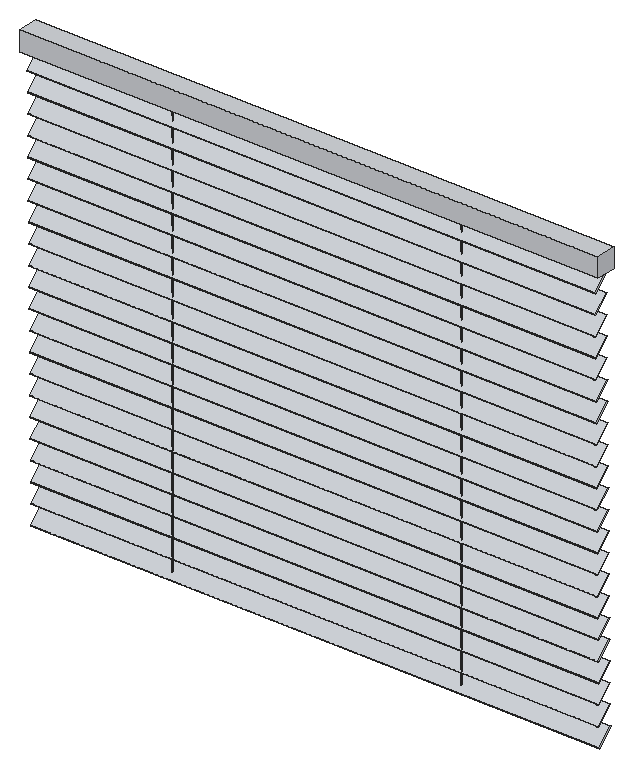
Revit family
Parameters
  Visibility [instance] = 1
  Verticals [instance] = not(Visibility = 3)  # yes
  Vertical [instance] = Blind Width / 4  # 1' - 2.81209"
  Transom Height [instance] = 0' - 2"
  Transom Depth [instance] = 0' - 2"
  Note to User [instance] = "Partial Open=1, Full Open = 2, Closed = 3"  # constant formula
  Partial [instance] = Visibility = 1  # yes
  Blind Height [instance] = 4' - 0"
  Blind Width [instance] = 4' - 11.24836"
  Full [instance] = Visibility = 2  # no
  First Blind [instance] = Blade Width / 2  # 0' - 1"
  Closed [instance] = Visibility = 3  # no
  Blind Transom [instance] = none
  Blind Blade Width Overall [instance] = Blind Width - 0' 1"  # 4' - 10.24836"
  Blind Blade Vertical [instance] = none
  Blind Blade [instance] = none
  Blade Width [instance] = 0' - 2"
  Blade Thickness [instance] = 0' - 0 1/16"
  Array Height [instance] = Blind Height - Transom Height - First Blind - (Blade Width / 2)  # 3' - 8"
  Array [instance] = Array Height / Blade Width  # 22
  Actual Array Height [instance] = (Array - 1) * Blade Width  # 3' - 6"
Reference planes (in)
  plane 1 "Center (Front/Back)": y = 0
  plane 2: z = 0
  plane 3 "Center (Left/Right)": x = 0
  plane 4: x = -29.62418
  plane 5: x = 29.62418
  plane 6: z = -3
  plane 7: z = -48
  plane 8: z = -2
  plane 9: y = 1
  plane 10: y = 2
  plane 11: z = -45
  plane 12: x = -14.81209
  plane 13: x = 14.81209
Forms (in)
  Extrusion 1, solid, material <- "Blind Transom"
    sketch origin (0, 0, 0) x (0, 1, 0) y (0, 0, 1)
      loop
        line (2, 0) -> (0, 0) -> (0, -2) -> (2, -2) -> (2, 0)
    from -29.62418 to 29.62418
  Extrusion 2, solid, material <- "Blind Blade Vertical", visible <- "Verticals"
    sketch origin (0, 0, 0) x (1, 0, 0) y (0, 1, 0)
      loop
        circle (-14.81209, 1) r 0.0625
      loop
        circle (14.81209, 1) r 0.0625
    from -45 to -2
Dimensions and locks (in)
  equal spacing: plane 4, plane 3 "Center (Left/Right)", plane 5
  "Transom Height": plane 2 to plane 8
  "First Blind": plane 8 to plane 6
  "Blind Width": plane 5 to plane 4
  "Transom Depth": plane 10 to plane 1 "Center (Front/Back)"
  equal spacing: plane 10, plane 9, plane 1 "Center (Front/Back)"
  "Blind Height": plane 2 to plane 7
  "Actual Array Height": plane 6 to plane 11
  equal spacing: group 1, group 3, group 4, group 5, group 6, group 7, group 8, group 9, group 10, group 11, group 12, group 13, group 14, group 15, group 16, group 17, group 18, group 19, group 20, group 21, group 22, group 2  (x2)
  equal spacing: group 2, group 22, group 21, group 20, group 19, group 18, group 17, group 16, group 15, group 14, group 13, group 12, group 11, group 10, group 9, group 8, group 7, group 6, group 5, group 4, group 3, group 1
  "Vertical": plane 13 to plane 5
  "Vertical": plane 4 to plane 12
  aligned and locked: plane 2 to level
  aligned and locked: plane 3 "Center (Left/Right)" to nested 1
  aligned and locked: plane 9 to nested 1
  aligned and locked: plane 6 to nested 1
  aligned and locked: level to Extrusion 1 sketch curve
  aligned and locked: plane 10 to Extrusion 1 sketch curve
  aligned and locked: Extrusion 1 sketch curve to plane 8
  aligned and locked: plane 1 "Center (Front/Back)" to Extrusion 1 sketch curve
  aligned and locked: Extrusion 1 to plane 4
  aligned and locked: Extrusion 1 to plane 5
  aligned and locked: nested 1 to plane 9
  aligned and locked: nested 2 to plane 11
  aligned and locked: plane 11 to Extrusion 2
  aligned and locked: plane 8 to Extrusion 2
Automatic sketch dimensions
  plane 9 to Extrusion 2 sketch curve = 0' - 0"  (x2)
  Extrusion 2 sketch curve to plane 12 = 0' - 0"
  Extrusion 2 sketch curve to plane 13 = 0' - 0"
  radius of Extrusion 2 sketch curve = 0' - 0 1/16"  (x2)
Nested families (in)
  nested 1: "Blind Blade" at (0, 1, -3), Blind Blade <- "Blind Blade", type "Blind Blade"
    with Blind Blade none, Open no, Closed no
  nested 2: "Blind Blade" at (0, 1.5, -45), Blind Blade <- "Blind Blade", type "Blind Blade"
    with Blind Blade none, Open no, Closed no
  nested 3: "Blind Blade" at (0, 1.02381, -5), Blind Blade <- "Blind Blade", type "Blind Blade"
    with Blind Blade none, Open no, Closed no
  nested 4: "Blind Blade" at (0, 1.04762, -7), Blind Blade <- "Blind Blade", type "Blind Blade"
    with Blind Blade none, Open no, Closed no
  nested 5: "Blind Blade" at (0, 1.07143, -9), Blind Blade <- "Blind Blade", type "Blind Blade"
    with Blind Blade none, Open no, Closed no
  nested 6: "Blind Blade" at (0, 1.09524, -11), Blind Blade <- "Blind Blade", type "Blind Blade"
    with Blind Blade none, Open no, Closed no
  nested 7: "Blind Blade" at (0, 1.11905, -13), Blind Blade <- "Blind Blade", type "Blind Blade"
    with Blind Blade none, Open no, Closed no
  nested 8: "Blind Blade" at (0, 1.14286, -15), Blind Blade <- "Blind Blade", type "Blind Blade"
    with Blind Blade none, Open no, Closed no
  nested 9: "Blind Blade" at (0, 1.16667, -17), Blind Blade <- "Blind Blade", type "Blind Blade"
    with Blind Blade none, Open no, Closed no
  nested 10: "Blind Blade" at (0, 1.19048, -19), Blind Blade <- "Blind Blade", type "Blind Blade"
    with Blind Blade none, Open no, Closed no
  nested 11: "Blind Blade" at (0, 1.21429, -21), Blind Blade <- "Blind Blade", type "Blind Blade"
    with Blind Blade none, Open no, Closed no
  nested 12: "Blind Blade" at (0, 1.2381, -23), Blind Blade <- "Blind Blade", type "Blind Blade"
    with Blind Blade none, Open no, Closed no
  nested 13: "Blind Blade" at (0, 1.2619, -25), Blind Blade <- "Blind Blade", type "Blind Blade"
    with Blind Blade none, Open no, Closed no
  nested 14: "Blind Blade" at (0, 1.28571, -27), Blind Blade <- "Blind Blade", type "Blind Blade"
    with Blind Blade none, Open no, Closed no
  nested 15: "Blind Blade" at (0, 1.30952, -29), Blind Blade <- "Blind Blade", type "Blind Blade"
    with Blind Blade none, Open no, Closed no
  nested 16: "Blind Blade" at (0, 1.33333, -31), Blind Blade <- "Blind Blade", type "Blind Blade"
    with Blind Blade none, Open no, Closed no
  nested 17: "Blind Blade" at (0, 1.35714, -33), Blind Blade <- "Blind Blade", type "Blind Blade"
    with Blind Blade none, Open no, Closed no
  nested 18: "Blind Blade" at (0, 1.38095, -35), Blind Blade <- "Blind Blade", type "Blind Blade"
    with Blind Blade none, Open no, Closed no
  nested 19: "Blind Blade" at (0, 1.40476, -37), Blind Blade <- "Blind Blade", type "Blind Blade"
    with Blind Blade none, Open no, Closed no
  nested 20: "Blind Blade" at (0, 1.42857, -39), Blind Blade <- "Blind Blade", type "Blind Blade"
    with Blind Blade none, Open no, Closed no
  nested 21: "Blind Blade" at (0, 1.45238, -41), Blind Blade <- "Blind Blade", type "Blind Blade"
    with Blind Blade none, Open no, Closed no
  nested 22: "Blind Blade" at (0, 1.47619, -43), Blind Blade <- "Blind Blade", type "Blind Blade"
    with Blind Blade none, Open no, Closed no
Definition of nested family "Blind Blade"
  Parameters (values of type "Blind Blade")
    Width = 4' - 10.24836"
    Partial = yes
    Open = yes
    Closed = yes
    Blind Blade [instance] = none
    Blade Width = 0' - 2"
    Blade Thickness = 0' - 0 1/16"
  Reference planes (in)
    plane 1 "Center (Front/Back)": y = 0
    plane 2: z = 0
    plane 3 "Center (Left/Right)": x = 0
    plane 4: through (0, 0, 0) normal (0, -0.7071, 0.7071)
    plane 5: through (0, 0, 0) normal (0, 0.7071, 0.7071)
    plane 6: x = -29.12418
    plane 7: x = 29.12418
  Forms (in)
    Extrusion 1, solid, material <- "Blind Blade", visible <- "Closed"
      sketch origin (0, 0, 0) x (0, 1, 0) y (0, 0, 1)
        loop
          line (0.03125, 1) -> (-0.03125, 1) -> (-0.03125, -1) -> (0.03125, -1) -> (0.03125, 1)
      from -29.12418 to 29.12418
    Extrusion 2, solid, material <- "Blind Blade", visible <- "Partial"
      sketch origin (0, 0, 0) x (0, 0.707107, 0.707107) y (0, -0.707107, 0.707107)
        loop
          line (1, -0.03125) -> (1, 0.03125) -> (-1, 0.03125) -> (-1, -0.03125) -> (1, -0.03125)
      from -29.12418 to 29.12418
    Extrusion 3, solid, material <- "Blind Blade", visible <- "Open"
      sketch origin (0, 0, 0) x (0, 0, 1) y (0, -1, 0)
        loop
          line (0.03125, 1) -> (-0.03125, 1) -> (-0.03125, -1) -> (0.03125, -1) -> (0.03125, 1)
      from -29.12418 to 29.12418
  Lines and regions (in)
    symbolic lines, style "InvisibleLines"
      curve 1: line (0, -1, 0) -> (0, 1, 0)
      curve 2: line (0, 0, 1) -> (0, 0, -1)
  Dimensions and locks (in)
    equal spacing: Extrusion 1 sketch curve, plane 1 "Center (Front/Back)", Extrusion 1 sketch curve
    equal spacing: Extrusion 1 sketch curve, plane 2, Extrusion 1 sketch curve
    "Blade Width": Extrusion 1 sketch curve to Extrusion 1 sketch curve
    "Width": plane 7 to plane 6
    equal spacing: plane 7, plane 3 "Center (Left/Right)", plane 6
    "Blade Width": Extrusion 2 sketch curve to Extrusion 2 sketch curve
    equal spacing: Extrusion 2 sketch curve, plane 4, Extrusion 2 sketch curve
    equal spacing: Extrusion 3 sketch curve, plane 1 "Center (Front/Back)", Extrusion 3 sketch curve
    "Blade Width": Extrusion 3 sketch curve to Extrusion 3 sketch curve
    equal spacing: Extrusion 2 sketch curve, plane 5, Extrusion 2 sketch curve
    "Blade Thickness": Extrusion 1 sketch curve to Extrusion 1 sketch curve
    "Blade Thickness": Extrusion 3 sketch curve to Extrusion 3 sketch curve
    "Blade Thickness": Extrusion 2 sketch curve to Extrusion 2 sketch curve
    equal spacing: Extrusion 3 sketch curve, plane 2, Extrusion 3 sketch curve
    locked: plane 2 to plane 5 (angle 45.00°)
    locked: plane 4 to plane 2 (angle 45.00°)
    aligned and locked: plane 2 to level
    aligned: Extrusion 1 to plane 7
    aligned and locked: Extrusion 1 to plane 6
    aligned and locked: curve 2 to plane 1 "Center (Front/Back)"
    aligned and locked: Extrusion 1 to curve 2  (x2)
    aligned and locked: Extrusion 3 to curve 1  (x2)
    aligned and locked: Extrusion 1 to plane 7
    aligned and locked: Extrusion 2 to plane 7
    aligned and locked: Extrusion 3 to plane 7
    aligned and locked: plane 6 to Extrusion 1
    aligned and locked: Extrusion 3 to plane 6
    aligned and locked: Extrusion 2 to plane 6
  Automatic sketch dimensions
    curve 1 to level = 0' - 0"
